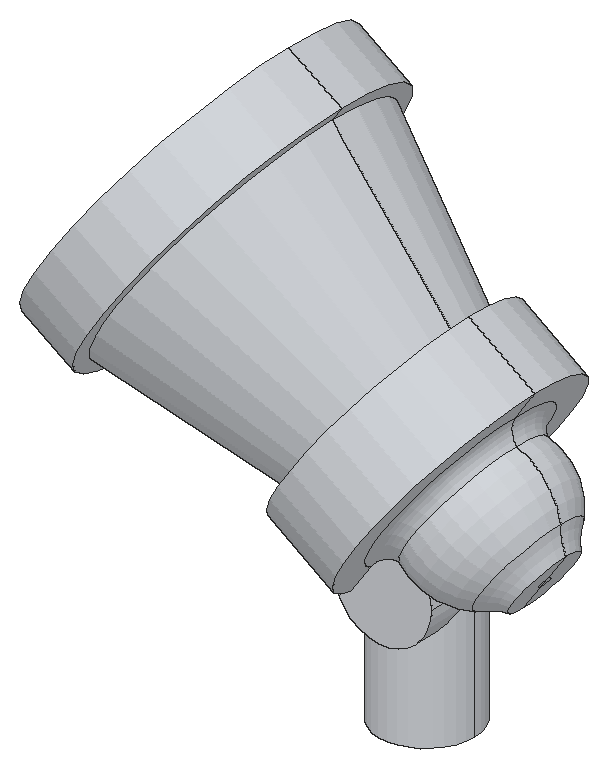
Revit family "EL733", category Lighting Fixtures, host Face, Revit 2021
Family settings
  Host = Face
  Round Connector Dimension = Use Diameter
  Part Type = Normal
  Cut with Voids When Loaded = Yes
  Light Source = Yes
  Shared = No
  Room Calculation Point = No
Parameters
  Wattage Comments = ""
  Wattage = 9.2903 W
  WIDTH = 2' - 0"
  built-in parameter 1150110 = 1 (stored number, unit not read)
  Voltage = 0 V
  URL = "https://www.currentlighting.com/kimlighting"
  built-in parameter 1114217 = 1 (stored number, unit not read)
  Tilt Angle = 90.00°
  built-in parameter 1150109 = 1 (stored number, unit not read)
  built-in parameter 1150134 = 3
  built-in parameter 1150113 = 1 (stored number, unit not read)
  Product Page URL = ""
  Product Documentation Link = ""
  Power Factor = 1
  Photometric Web File = "generic"
  Number of Poles = 1
  built-in parameter 1150142 = (empty or 0)
  Model = ""
  Manufacturer = ""
  built-in parameter 1150105 = 109.82 (stored number, unit not read)
  Lumens = 1380 lm
  built-in parameter 1150115 = 1 (stored number, unit not read)
  built-in parameter 1150137 = (empty or 0)
  built-in parameter 1150139 = (empty or 0)
  built-in parameter 1150112 = 1 (stored number, unit not read)
  built-in parameter 1150114 = 1 (stored number, unit not read)
  Lamp = ""
  LEGNTH = 4' - 6"
  built-in parameter 1150132 = (empty or 0)
  built-in parameter 1150102 = (empty or 0)
  built-in parameter 1150107 = 3200 (stored number, unit not read)
  built-in parameter 1150138 = (empty or 0)
  built-in parameter 1150106 = 1.0982 (stored number, unit not read)
  IES FILE LINK = ""
  built-in parameter 1150104 = 13.8 (stored number, unit not read)
  Dimming Lamp Color Temperature Shift = (empty or 0)
  Default Elevation = 4' - 0"
  Color Filter = 16777215
  built-in parameter 1114218 = 1 (stored number, unit not read)
  built-in parameter 1150133 = 10 (stored number, unit not read)
  Apparent Load = 0 VA
Reference planes (in)
  plane 1 "Center (Front/Back)": y = 0
  plane 2: z = 0
  plane 3 "Center (Left/Right)": x = 0
  plane 4: z = 2.125
  plane 5: x = 1.5
Forms (in)
  Revolve 1, solid
    sketch origin (-2.58928, 0, 0.70666) x (0.819152, 0, -0.573576) y (0.573576, 0, 0.819152)
      loop
        line (-3.53855, 1.97263) -> (-3.53855, 1.77525) -> (-2.53855, 1.77525) -> (-2.53855, 2.02525) -> (0.34524, 2.85216) -> (0.34524, 2.43772) -> (1.59524, 2.43772) -> (1.59524, 2.93772)
        arc (1.59524, 2.93772) -> (1.66095, 3.14612) -> (1.8343, 3.27914) r 0.36333
        arc (1.8343, 3.27914) -> (2.39882, 3.29097) -> (2.88382, 3.58009) r 1.10521
        arc (2.88382, 3.58009) -> (3.02099, 3.74962) -> (3.19052, 3.88678) r 1.03897
        line (3.19052, 3.88678) -> (3.19052, 4.34049) -> (3.19052, 4.45941) -> (2.94052, 4.45941) -> (2.94052, 3.95941)
        arc (2.94052, 3.95941) -> (2.37304, 3.52911) -> (1.66174, 3.49398) r 1.20609
        line (1.66174, 3.49398) -> (0.16174, 3.49398) -> (0.16174, 2.99398) -> (-2.72204, 2.16706) -> (-2.72204, 1.97263) -> (-3.53855, 1.97263)
      axis (3.19052, 4.45941) -> (-3.53855, 4.45941)
    angle from 0 to 360
  Extrusion 2, solid
    sketch origin (0, 0, 0) x (1, 0, 0) y (0, 1, 0)
      loop
        circle (0.75, 0) r 0.75286
    from 4.45067 to 0
  Extrusion 3, solid
    sketch origin (0, 0, 0) x (1, 0, 0) y (0, 0, 1)
      loop
        circle (0.75, 2.125) r 0.75
    from 0.83704 to -0.84093
Lines and regions (in)
  reference lines
    curve 1: line (0, 0, 0) -> (0.75, 0, 0)
Dimensions and locks (in)
  aligned and locked: plane 2 to host face
  aligned and locked: level to host face
Connectors (in)
  electrical at (0, 0, 0), driven by "Number of Poles", driven by "Voltage", driven by "Apparent Load", driven by "Power Factor"
    settings: on host face, index 1, voltage 0 V, apparent load 0 VA, apparent load phase1 0 VA, apparent load phase2 0 VA, apparent load phase3 0 VA, power factor 1, load classification "Other", number of poles 1, system type 31, power factor state 1, is connector primary yes, connector utility yes, sub classification motor no, connector description "Power"
